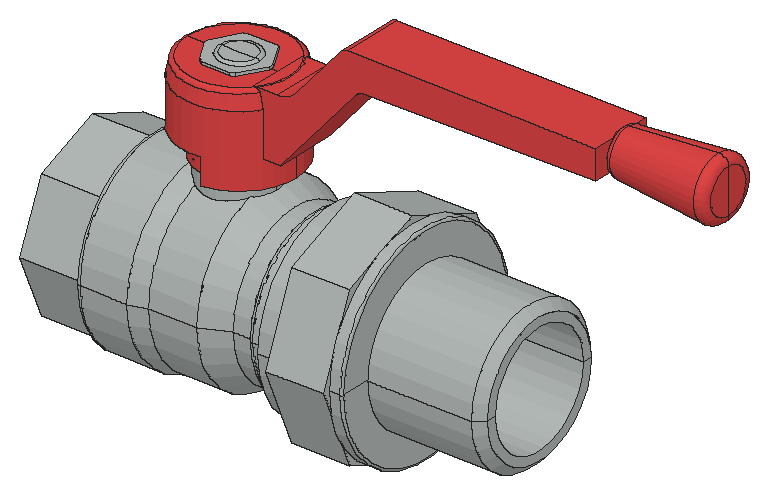
Revit family "QD02530000", category Apparecchi idraulici, Revit 2020
Family settings
  Quota connettore circolare = Usa diametro
  Tipo di parte = Normale
  Numero OmniClass = 23.45.00.00
  Titolo OmniClass = Sanitary, Laundry, and Cleaning Equipment
  Basato su piano di lavoro = No
  Sempre verticale = Sì
  Taglio con vuoti quando caricato = No
  Condiviso = No
  Punto di calcolo locali = No
Parameters
  URL = "https://web.cimberio.it/index.php/figura/1387?subcategoria_id=43096"
  Temperatura di esercizio = "-20 ÷ 120°C"
  Prospetto di default = 0 mm
  Produttore = "CIMBERIO SPA"
  Pressione nominale = "PN 50 (1/2\"); PN 40 (3/4\" ÷ 1\")"
  Modello = "Cim 246/RED6"
  Materiale = "Prodotto in lega di ottone conforme alla norma EN 12165-CW617N-DW"
  Descrizione = "Utilizzato nei più svariati settori dell'impiantistica: impianti di riscaldamento, condizionamento, idrici, igienico-sanitari, aria compressa, reti di distribuzione oli, benzine, vapore saturo e in generale con ogni fluido non corrosivo."
  DN Model [instance] = QD02532154 : QD02532154
  DN [instance] = 25 mm
  Commenti sul tipo = "Realizzato in ottemperanza ai requisiti gestionali della norma EN ISO 9001.\r\nCollaudato al 100% secondo la normativa EN 12266-1"
Reference planes
  plane 1 "Centro (Fronte/Retro)": y = 0
  plane 2: z = 0
  plane 3 "Centro (Sinistra/Destra)": x = 0
Dimensions and locks
  aligned and locked: level to plane 2
Nested families
  nested 1: "QD02532154" at (0, 0, 0), type <- "DN Model", type "QD02532154"
  nested 2: "QD02532154" at (0, 0, 0), type <- "DN Model", type "QD02532154"
  nested 3: "QD02532154" at (0, 0, 0), type <- "DN Model", type "QD02532154"
Connectors
  piping at (67.5, 0, 0), diameter 25, driven by "DN"
    settings: on nested 1, index 1, connector inside diameter 609.6 mm, connector length 0 mm, flow factor 0, pipe flow 0.0 L/s, pressure drop 0.0 Pa, fitting loss kfactor 0, connector angle 0.00°, fixture units 0, engagement length 0 mm, angle of deflection 0.00°, flow configuration 0, flow direction 0, fitting loss method 0, system type 7, joint type 0, gender type 0, connector reference index -1, connector utility 0, adjustable connector no, is connector primary yes, connector description ""
  piping at (-33, 0, 0), diameter 25, driven by "DN"
    settings: on nested 1, index 2, connector inside diameter 609.6 mm, connector length 0 mm, flow factor 0, pipe flow 0.0 L/s, pressure drop 0.0 Pa, fitting loss kfactor 0, connector angle 0.00°, fixture units 0, engagement length 0 mm, angle of deflection 0.00°, flow configuration 0, flow direction 0, fitting loss method 0, system type 7, joint type 0, gender type 0, connector reference index -1, connector utility 0, adjustable connector no, is connector primary no, connector description ""
Definition of nested family "QD02532154"
  Parameters (values of type "QD02532154")
    Default Elevation = 0 mm
  Reference planes
    plane 1 "Centro (Fronte/Retro)": y = 0
    plane 2: z = 0
    plane 3 "Centro (Sinistra/Destra)": x = 0
  Forms (mm)
    Revolve 1, solid
      sketch origin (0, 0, 0) x (1, 0, 0) y (0, 1, 0)
        loop
          line (-19.5, 12.5) -> (21, 12.5) -> (21, 18.5) -> (17.914, 18.5)
          arc (17.914, 18.5) -> (17.532, 18.424) -> (17.207, 18.207) r 1
          line (17.207, 18.207) -> (16.5, 17.5) -> (12.6, 17.5) -> (6.85, 20.45) -> (-4.081, 20.45) -> (-8, 21.5) -> (-18.5, 21.5)
          arc (-18.5, 21.5) -> (-19.207, 21.207) -> (-19.5, 20.5) r 1
          line (-19.5, 20.5) -> (-19.5, 12.5)
        axis (-19.5, 0) -> (21, 0)
      angle from 0 to 360
    Extrusion 2, solid
      sketch origin (0, 0, 0) x (0, 1, 0) y (0, 0, 1)
        loop
          circle (0, 0) r 12.5
        loop
          line (0, 25) -> (-17.678, 17.678) -> (-25, 0) -> (-17.678, -17.678) -> (0, -25) -> (17.678, -17.678) -> (25, 0) -> (17.678, 17.678) -> (0, 25)
      from 26 to 39
    Revolve 3, solid
      sketch origin (0, 0, 4.062) x (1, 0, 0) y (0, 0, 1)
        loop
          line (0.065, 27.317) -> (0.065, 10.2) -> (8.5, 10.2) -> (8.5, 20.16)
          arc (8.5, 20.16) -> (8.86, 20.393) -> (9, 20.8) r 0.66
          line (9, 20.8) -> (9, 27.317) -> (0.065, 27.317)
        axis (0.065, 27.317) -> (0.065, 10.2)
      angle from 0 to 360
    Extrusion 4, solid
      sketch origin (0, 0, 3.125) x (1, 0, 0) y (0, 0, 1)
        loop
          line (-13, 26.3) -> (-13, 21) -> (-11, 19.845) -> (-11, 10.135) -> (-7.793, 10.135) -> (-7.793, 26.3) -> (-13, 26.3)
      from 0 to 1.742
    Revolve 5, solid
      sketch origin (0, 0, 4.062) x (1, 0, 0) y (0, 0, 1)
        loop
          line (0, 28.8) -> (-5.984, 28.8) -> (-7.003, 28.281) -> (-7.003, 26.625) -> (0, 26.625) -> (0, 28.8)
        axis (0, 28.8) -> (0, 26.625)
      angle from 0 to 360
    Revolve 6, solid
      sketch origin (0, 0, 0.556) x (1, 0, 0) y (0, 0, 1)
        loop
          line (0, 42.94) -> (-11.455, 42.947)
          arc (-11.455, 42.947) -> (-12.098, 42.71) -> (-12.44, 42.117) r 1
          line (-12.44, 42.117) -> (-13, 38.944) -> (-13, 22.955) -> (-7.25, 22.955) -> (-7.25, 33.512) -> (0, 33.512) -> (0, 42.94)
        axis (0, 42.947) -> (0, 22.955)
      angle from 0 to 360
    Extrusion 7, solid
      sketch origin (0, 0, -10.312) x (1, 0, 0) y (0, 1, 0)
        loop
          arc (-3.211, 6.5) -> (-3.625, 6.279) -> (-4.024, 6.031) r 7.25
          line (-4.024, 6.031) -> (-7.235, 0.469)
          arc (-7.235, 0.469) -> (-7.25, 0) -> (-7.235, -0.469) r 7.25
          line (-7.235, -0.469) -> (-4.024, -6.031)
          arc (-4.024, -6.031) -> (-3.625, -6.279) -> (-3.211, -6.5) r 7.25
          line (-3.211, -6.5) -> (3.211, -6.5)
          arc (3.211, -6.5) -> (3.625, -6.279) -> (4.024, -6.031) r 7.25
          line (4.024, -6.031) -> (7.235, -0.469)
          arc (7.235, -0.469) -> (7.25, 0) -> (7.235, 0.469) r 7.25
          line (7.235, 0.469) -> (4.024, 6.031)
          arc (4.024, 6.031) -> (3.625, 6.279) -> (3.211, 6.5) r 7.25
          line (3.211, 6.5) -> (-3.211, 6.5)
      from 54.3 to 49.794
    Revolve 8, solid
      sketch origin (0, 0, -7.483) x (1, 0, 0) y (0, 0, 1)
        loop
          line (0, 51.8) -> (0, 49.682) -> (4.75, 49.682) -> (4.75, 50.8)
          arc (4.75, 50.8) -> (4.457, 51.507) -> (3.75, 51.8) r 1
          line (3.75, 51.8) -> (0, 51.8)
        axis (0, 51.8) -> (0, 49.682)
      angle from 0 to 360
    Revolve 9, solid
      sketch origin (0, 0, 0) x (1, 0, 0) y (0, 1, 0)
        loop
          line (26, 21.023) -> (21, 20.981) -> (21, 12.5) -> (26, 12.5) -> (26, 21.023)
        axis (21, 0) -> (26, 0)
      angle from 0 to 360
    Revolve 10, solid
      sketch origin (6.168, 0, 0) x (1, 0, 0) y (0, 1, 0)
        loop
          line (32.832, 12.5) -> (35.838, 12.5) -> (35.838, 23)
          arc (35.838, 23) -> (35.691, 23.354) -> (35.338, 23.5) r 0.5
          line (35.338, 23.5) -> (32.832, 23.5) -> (32.832, 12.5)
        axis (32.832, 0) -> (35.838, 0)
      angle from 0 to 360
    Revolve 11, solid
      sketch origin (7, 0, 0) x (1, 0, 0) y (0, 1, 0)
        loop
          line (60.5, 14.5) -> (58.5, 16.5) -> (35, 16.5) -> (35, 12.5) -> (60.5, 12.5) -> (60.5, 14.5)
        axis (35, 0) -> (60.5, 0)
      angle from 0 to 360
    Extrusion 12, void
      sketch origin (0, 0, -3.437) x (1, 0, 0) y (0, 1, 0)
        loop
          line (-9.25, 0) -> (-14.077, 0)
          arc (-14.077, 0) -> (-9.371, -10.505) -> (1.6, -13.986) r 14.077
          line (1.6, -13.986) -> (1.6, -9.111)
          arc (1.6, -9.111) -> (-5.948, -7.084) -> (-9.25, 0) r 9.25
      from 26.3 to 32.8
    Extrusion 13, solid
      sketch origin (0, 0, 0) x (0, 1, 0) y (0, 0, 1)
        loop
          circle (0, 0) r 12.5
        loop
          line (0, 20.25) -> (-14.319, 14.319) -> (-20.25, 0) -> (-14.319, -14.319) -> (0, -20.25) -> (14.319, -14.319) -> (20.25, 0) -> (14.319, 14.319) -> (0, 20.25)
      from -33 to -19.5
    Revolve 14, solid
      sketch origin (30.1, 0, 4.062) x (1, 0, 0) y (0, 0, 1)
        loop
          line (54.901, 50.737) -> (79.9, 50.737) -> (79.9, 55.695)
          arc (79.9, 55.695) -> (79.253, 57.168) -> (77.73, 57.687) r 2
          line (77.73, 57.687) -> (57.49, 55.957)
          arc (57.49, 55.957) -> (57.048, 55.854) -> (56.642, 55.648) r 1.903
          line (56.642, 55.648) -> (54.902, 53.908) -> (54.901, 50.737)
        axis (54.901, 50.737) -> (79.9, 50.737)
      angle from 0 to 360
    Extrusion 15, solid
      sketch origin (0, 0, -7.813) x (1, 0, 0) y (0, 0, 1)
        loop
          line (85.9, 65.812) -> (29.933, 65.812)
          arc (29.933, 65.812) -> (29.087, 65.625) -> (28.401, 65.098) r 2
          line (28.401, 65.098) -> (18.631, 53.456)
          arc (18.631, 53.456) -> (16.571, 51.875) -> (14.035, 51.312) r 6
          line (14.035, 51.312) -> (8.893, 51.312) -> (8.893, 37.46) -> (15, 37.46) -> (32.11, 57.851)
          arc (32.11, 57.851) -> (32.785, 58.373) -> (33.615, 58.566) r 2
          line (33.615, 58.566) -> (85.9, 59.297) -> (85.9, 65.812)
      from -7 to 7
  Cuts and joins
    Extrusion 12 cuts Revolve 6
  Dimensions and locks
    aligned and locked: level to plane 2
